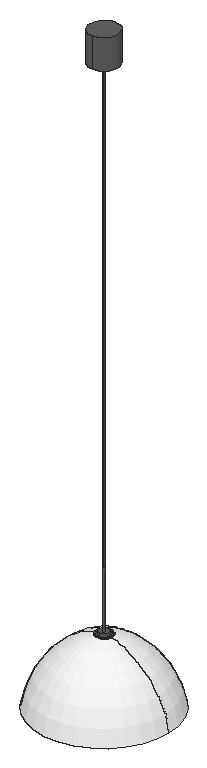
Revit family "Justerbar Lab Pendle_Reagens_Moon", category Lighting Fixtures, Revit 2021
Family settings
  Round Connector Dimension = Use Diameter
  Part Type = Normal
  OmniClass Number = 23.80.70.00
  OmniClass Title = Lighting
  Work Plane-Based = No
  Always vertical = Yes
  Cut with Voids When Loaded = No
  Light Source = Yes
  Shared = No
  Room Calculation Point = No
Parameters
  Wattage = 9.2903 W
  built-in parameter 1150110 = 1 (stored number, unit not read)
  built-in parameter 1114217 = 1 (stored number, unit not read)
  built-in parameter 1150109 = 1 (stored number, unit not read)
  built-in parameter 1150134 = (empty or 0)
  built-in parameter 1150113 = 1 (stored number, unit not read)
  Spredning = "120"
  MacAdams = "< 3 SCDM"
  Lyskilde = "LED"
  Lumens = 1380 lm
  built-in parameter 1150115 = 1 (stored number, unit not read)
  built-in parameter 1150105 = 109.82 (stored number, unit not read)
  Lumen = "660lm"
  Light Source Symbol Size = 609.6 mm
  built-in parameter 1150137 = (empty or 0)
  built-in parameter 1150139 = (empty or 0)
  Levetid = "L70 50.000 timer"
  Level Heigth [instance] = 4000 mm
  built-in parameter 1150112 = 1 (stored number, unit not read)
  built-in parameter 1150114 = 1 (stored number, unit not read)
  Kjøle metode = "Passiv"
  built-in parameter 1150132 = 2
  built-in parameter 1150102 = (empty or 0)
  built-in parameter 1150138 = (empty or 0)
  built-in parameter 1150107 = 3000 (stored number, unit not read)
  built-in parameter 1150106 = 1.0982 (stored number, unit not read)
  Frekvens Sekundærkilde = "1000 Hz"
  Frekvens = "50-60 Hz"
  Floor thickness [instance] = 300 mm
  Fargetemperatur = "2700K, 3000K,eller DW"
  Farger = "Sort"
  built-in parameter 1150104 = 13.8 (stored number, unit not read)
  Effekt = "6W"
  Driftspenning = "220-240V"
  Dist.floor [instance] = 1800 mm
  Dimming Lamp Color Temperature Shift = <None>
  Dimbar = "Dali eller Triac"
  Default Elevation = 0 mm
  Color Filter = 16777215
  CRI = ">90"
  Beskyttelsesgrad = "IP20"
  built-in parameter 1114218 = 1 (stored number, unit not read)
  built-in parameter 1150133 = 10 (stored number, unit not read)
Reference planes
  plane 1 "Light Source Axis (F/B)": y = 0
  plane 2: z = 0
  plane 3 "Light Source Axis (L/R)": x = 0
  plane 4 "Light Source Elevation": z = 1901.866
  plane 5: z = 2246.117
  plane 6: z = 3603
  plane 7: z = 3610
  plane 8 "Top": z = 4000
  plane 9: z = 3700
  plane 10: z = 1800
  plane 11: z = 1865.931
Forms (mm)
  Extrusion 1, solid, material "Default New Material"
    sketch origin (0, 0.011, 1200.009) x (0, 1, 0) y (-1, 0, 0)
      loop
        circle (0, 0) r 42.5
    from 2409.991 to 2499.991
  Extrusion 2, solid, material "Default New Material"
    sketch origin (0, 0.011, 1200.009) x (0, 1, 0) y (-1, 0, 0)
      loop
        circle (0, 0) r 6
    from 2402.991 to 2409.991
  Extrusion 3, solid, material "Default New Material"
    sketch origin (0, 0.011, 1200.009) x (0, 1, 0) y (-1, 0, 0)
      loop
        circle (0, 0) r 2.031
    from 1046.108 to 2402.991
Dimensions and locks
  locked: plane 6 to plane 7 at 7
  locked: plane 4 "Light Source Elevation" to plane 5 at 344.252
  "Level Heigth": level to plane 8 "Top"
  "Floor thickness": plane 9 to plane 8 "Top"
  locked: plane 7 to plane 9 at 90
  locked: plane 10 to plane 4 "Light Source Elevation" at 101.866
  "Dist.floor": level to plane 10
  locked: plane 11 to plane 4 "Light Source Elevation" at 35.935
  aligned and locked: plane 1 "Light Source Axis (F/B)" to imposter light
  aligned and locked: level to plane 2
  aligned and locked: plane 6 to Extrusion 2
  aligned and locked: plane 7 to Extrusion 1
  aligned and locked: Extrusion 2 to Extrusion 1
  aligned and locked: Extrusion 3 to Extrusion 2
  aligned and locked: Extrusion 3 to plane 5
  aligned and locked: Extrusion 1 to plane 9
  aligned and locked: plane 5 to nested 2
  aligned and locked: plane 10 to imposter light
  aligned and locked: plane 11 to nested 3
Automatic sketch dimensions
  Extrusion 1 sketch curve to plane 3 "Light Source Axis (L/R)" = 0 mm
  Extrusion 1 sketch curve to plane 1 "Light Source Axis (F/B)" = 0.011 mm
  Extrusion 2 sketch curve to plane 3 "Light Source Axis (L/R)" = 0 mm
  Extrusion 2 sketch curve to plane 1 "Light Source Axis (F/B)" = 0.011 mm
  Extrusion 3 sketch curve to plane 3 "Light Source Axis (L/R)" = 0 mm
  Extrusion 3 sketch curve to plane 1 "Light Source Axis (F/B)" = 0.011 mm
  radius of Extrusion 1 sketch curve = 42.5 mm
  radius of Extrusion 2 sketch curve = 6 mm
  radius of Extrusion 3 sketch curve = 2.031 mm
Nested families
  nested 1: "2D tegn" at (0, 0, 0), type "2D tegn"
  nested 2: "Family1" at (0, 0, 1287.065), type "Family1"
  nested 3: "Moon" at (0, 0, 1868.03), type "Moon"
Definition of nested family "Family1"
  Parameters (values of type "Family1")
    Wattage = 9.2903 W
    built-in parameter 1150110 = 1 (stored number, unit not read)
    built-in parameter 1114217 = 1 (stored number, unit not read)
    built-in parameter 1150109 = 1 (stored number, unit not read)
    built-in parameter 1150134 = 5
    built-in parameter 1150113 = 1 (stored number, unit not read)
    built-in parameter 1150105 = 109.82 (stored number, unit not read)
    Lumens = 1380 lm
    built-in parameter 1150115 = 1 (stored number, unit not read)
    Light Source Symbol Size = 609.6 mm
    built-in parameter 1150137 = (empty or 0)
    built-in parameter 1150139 = (empty or 0)
    built-in parameter 1150112 = 1 (stored number, unit not read)
    built-in parameter 1150114 = 1 (stored number, unit not read)
    built-in parameter 1150132 = (empty or 0)
    built-in parameter 1150102 = (empty or 0)
    built-in parameter 1150107 = 6000 (stored number, unit not read)
    built-in parameter 1150138 = (empty or 0)
    built-in parameter 1150106 = 1.0982 (stored number, unit not read)
    built-in parameter 1150104 = 13.8 (stored number, unit not read)
    Dimming Lamp Color Temperature Shift = (empty or 0)
    Default Elevation = 0 mm
    Color Filter = 16777215
    built-in parameter 1114218 = 1 (stored number, unit not read)
    built-in parameter 1150133 = 10 (stored number, unit not read)
  Reference planes
    plane 1 "Center (Front/Back)": y = 0
    plane 2: z = 0
    plane 3 "Center (Left/Right)": x = 0
  Forms (mm)
    Extrusion 1, solid
      sketch origin (0, 0.011, 1212.964) x (0, 1, 0) y (-1, 0, 0)
        loop
          circle (0, 0) r 3.032
      from -428 to -253.911
    Extrusion 2, solid
      sketch origin (0, 0.011, 1212.964) x (0, 1, 0) y (-1, 0, 0)
        loop
          circle (0, 0) r 15
      from -435 to -428
    Revolve 3, solid
      sketch origin (0, 0.011, -2787.036) x (1, 0, 0) y (0, 0, 1)
        loop
          line (25, 3565) -> (21.832, 3565) -> (0, 3565) -> (0, 3533.682) -> (21.832, 3533.682) -> (21.832, 3499) -> (25, 3499) -> (25, 3565)
        axis (0, 3499) -> (0, 3565)
      angle from 0 to 360
    Revolve 4, solid
      sketch origin (0, 0.011, -2787.036) x (1, 0, 0) y (0, 0, 1)
        loop
          line (0, 3532.984) -> (0, 3499) -> (21.729, 3499) -> (21.729, 3532.984) -> (0, 3532.984)
        axis (0, 3499) -> (0, 3532.984)
      angle from 0 to 360
    Revolve 5, solid
      sketch origin (0, 0.011, -2787.046) x (1, 0, 0) y (0, 0, 1)
        loop
          arc (23.002, 3498.068) -> (22.53, 3498.759) -> (21.731, 3499.009) r 1.275
          line (21.731, 3499.009) -> (20.821, 3499.009)
          arc (20.821, 3499.009) -> (21.664, 3498.576) -> (22.002, 3497.691) r 1.326
          line (22.002, 3497.691) -> (22.002, 3305.625)
          arc (22.002, 3305.625) -> (11.278, 3301.997) -> (0, 3301.01) r 47.486
          line (0, 3301.01) -> (0, 3300.01)
          arc (0, 3300.01) -> (11.808, 3301.088) -> (23.002, 3305) r 48.485
          line (23.002, 3305) -> (23.002, 3498.068)
        axis (0, 3300.01) -> (0, 3499.009)
      angle from 0 to 360
  Lines and regions (mm)
    model lines
      curve 1: line (-0.141, 0, 1713.043) -> (-4.202, 0, 1713.043)
      curve 2: line (-2.171, 0, 1713.043) -> (-2.171, 0, 1714.623)
    model lines, not visible
      curve 3: line (-1454, 0, -2024.844) -> (-1589, 0, -2024.844)
  Dimensions and locks
    locked: Revolve 5 sketch curve to Revolve 5 sketch curve at 22.481
    locked: Revolve 5 sketch curve to Revolve 5 sketch curve at 199.091
    Revolve 5 sketch curve to Revolve 5 sketch curve = 1.77 mm
    aligned and locked: level to plane 2
    aligned and locked: Extrusion 1 to Extrusion 2
Definition of nested family "Moon"
  Parameters
    Default Elevation = 0 mm
  Reference planes
    plane 1 "Center (Front/Back)": y = 0
    plane 2: z = 0
    plane 3 "Center (Left/Right)": x = 0
  Forms (mm)
    Revolve 1, solid
      sketch origin (-0.252, -0.194, -3312.104) x (1, 0, 0) y (0, 0, 1)
        loop
          arc (25, 3509.102) -> (25.644, 3508.514) -> (26.429, 3508.135) r 3.01
          arc (26.429, 3508.135) -> (139.323, 3434.188) -> (196.843, 3312.104) r 248.227
          arc (196.843, 3312.104) -> (197.192, 3311.025) -> (197.689, 3310.005) r 8.093
          arc (197.689, 3310.005) -> (139.883, 3434.307) -> (25, 3509.102) r 248.727
        axis (0, 3310.005) -> (0, 3509.102)
      angle from 0 to 360
  Dimensions and locks
    aligned and locked: level to plane 2
Definition of nested family "2D tegn"
  Reference planes
    plane 1: y = 0
    plane 2: x = 0
  Lines and regions (mm)
    detail lines
      curve 1: circle (0, 0, 0) r 5 normal (0, 0, 1)
      curve 2: line (-3.536, -3.536, 0) -> (3.536, 3.536, 0)
      curve 3: line (3.536, -3.536, 0) -> (-3.536, 3.536, 0)
